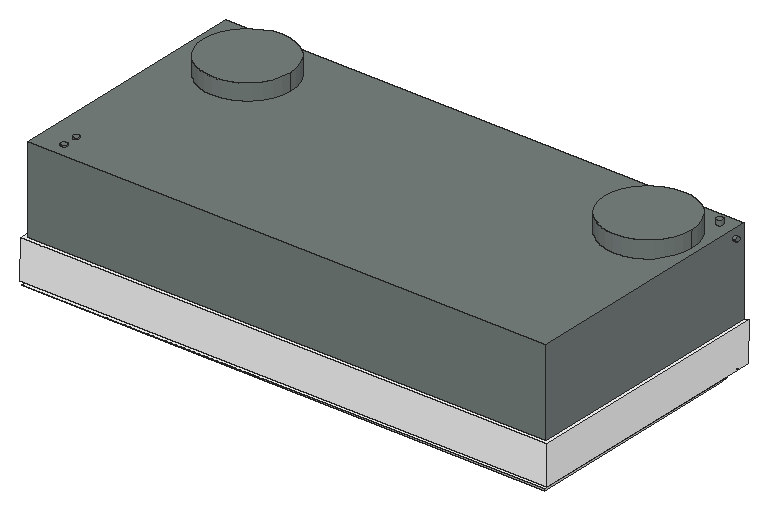
Revit family "AM 800 VT", category Mechanical Equipment, Revit 2019
Family settings
  Round Connector Dimension = Use Diameter
  Part Type = Normal
  OmniClass Number = 23.75.00.00
  OmniClass Title = Climate Control (HVAC)
  Work Plane-Based = No
  Always vertical = Yes
  Cut with Voids When Loaded = No
  Shared = No
  Room Calculation Point = No
Parameters
  Weight (Standard Unit) = 108  # constant formula
  Water Heater Surface Return = 10 mm  # constant formula
  Water Heater Surface IN = 10 mm  # constant formula
  URL = "www.airmaster-as.com"
  Total Width = 1910 mm  # constant formula
  Total Hight = 474 mm  # constant formula
  T-C Duct Exhaust = 252 mm  # constant formula
  T-C Duct Supply = 252 mm  # constant formula
  Suply Air In = 315 mm  # constant formula
  R-C Duct Exhaust = 222 mm  # constant formula
  Phase 1 - Max Power Consumption = "4035 W"
  Phase 1 - Max Current = "12 A"
  Nominal current, electrical preheating surface = "6,5 A"
  Nominal current, electrical comfort heating surface = "4,4 A"
  Nominal current, air handling unit = "1,1 A"
  Network Conection = "AWG 24 CAT 5e STP"
  Model = "AM 800 VT"
  Middle Panel [instance] = no
  Max. flow rate 35 dB(A) with ePM10 80% filters = 538.00 m³  # constant formula
  Max. flow rate 35 dB(A) with ePM10 55% filters = 605.00 m³  # constant formula
  Max. flow rate 35 dB(A) with ePM10 50% filters = 672.00 m³  # constant formula
  Max. flow rate 30 dB(A) with ePM10 80% filters = 482.00 m³  # constant formula
  Max. flow rate 30 dB(A) with ePM10 55% filters = 542.00 m³  # constant formula
  Max. flow rate 30 dB(A) with ePM10 50% filters = 603.00 m³  # constant formula
  Manufacturer = "Airmaster A/S"
  Maintenance [instance] = no
  L-C Duct ESupply = 255 mm  # constant formula
  Exhaust Air = 315 mm  # constant formula
  Total Depth = 916 mm  # constant formula
  Electrical connection = "1 ~ 230 V / N / PE / 50 Hz"
  Drawn By = "LSB"
  Condensate = 9 mm  # constant formula
  BMS Panel = "(PTS) 2x2x0,6"
  BMS Out = "(PTS) 2x2x0,6"
  BMS IN = "(PTS) 2x2x0,6"
  Airflow area [instance] = no
  Air flow area [instance] = Airflow
Reference planes
  plane 1 "Center (Front/Back)": y = 0
  plane 2: z = 0
  plane 3 "Center (Left/Right)": x = 0
  plane 4 "Center L/S": y = -916
  plane 5 "Center L/T": x = -955
  plane 6 "Center L/U": x = 955
  plane 7 "TOP": z = 474
  plane 8 "Center L/V": x = -940
  plane 9 "Center L/W": y = -901
  plane 10 "Center L/X": x = 940
  plane 11 "Panel Buttom": z = 23
  plane 12 "Panel Top": z = 164.5
  plane 13 "Hatch": z = 14.5
  plane 14 "Center L/Z": z = 173.414
  plane 15 "Center L/AA": z = 314.914
  plane 16 "Center L/BB": z = 324.414
  plane 17 "Center L/CC": z = 465.914
Forms (mm)
  Extrusion 1, solid, material "AM Grey"
    sketch origin (0, 0, 0) x (1, 0, 0) y (0, 1, 0)
      loop
        line (-940, 0) -> (-940, -901) -> (940, -901) -> (940, 0) -> (-940, 0)
    from 14.5 to 474
  Extrusion 2, solid, material "AM White"
    sketch origin (794.5, -1524, 23) x (0, -1, 0) y (-1, 0, 0)
      loop
        line (-1524, 1749.5) -> (-1524, 1734.5) -> (-623, 1734.5) -> (-623, -145.5) -> (-1524, -145.5) -> (-1524, -160.5) -> (-608, -160.5) -> (-608, 1749.5) -> (-1524, 1749.5)
    from 0 to -141.5
  Blend 3, solid, material "AM White"
    base sketch origin (-790.646, -1524, 14.5) x (0, -1, 0) y (1, 0, 0)
      loop
        line (-608, -157.387) -> (-608, 1738.657) -> (-1435.677, 1738.657) -> (-1435.677, -157.387) -> (-608, -157.387)
    top sketch origin (-790.646, -1524, 14.5) x (0, -1, 0) y (1, 0, 0)
      loop
        line (-623, -146.037) -> (-623, 1727.646) -> (-1424.161, 1727.646) -> (-1424.161, -146.037) -> (-623, -146.037)
    from 0 to -14.5
  Extrusion 4, void
    sketch origin (1055.25, -916, 324.414) x (1, 0, 0) y (0, 0, -1)
      loop
        line (-1717.75, -118) -> (-1627.75, -118) -> (-1627.75, -93) -> (-1717.75, -93) -> (-1717.75, -118)
      loop
        line (-1717.75, -83) -> (-1627.75, -83) -> (-1627.75, -58) -> (-1717.75, -58) -> (-1717.75, -83)
      loop
        line (-1717.75, -48) -> (-1627.75, -48) -> (-1627.75, -23) -> (-1717.75, -23) -> (-1717.75, -48)
      loop
        line (-1622.75, -118) -> (-1532.75, -118) -> (-1532.75, -93) -> (-1622.75, -93) -> (-1622.75, -118)
      loop
        line (-1622.75, -83) -> (-1532.75, -83) -> (-1532.75, -58) -> (-1622.75, -58) -> (-1622.75, -83)
      loop
        line (-1622.75, -48) -> (-1532.75, -48) -> (-1532.75, -23) -> (-1622.75, -23) -> (-1622.75, -48)
      loop
        line (-1527.75, -118) -> (-1437.75, -118) -> (-1437.75, -93) -> (-1527.75, -93) -> (-1527.75, -118)
      loop
        line (-1527.75, -83) -> (-1437.75, -83) -> (-1437.75, -58) -> (-1527.75, -58) -> (-1527.75, -83)
      loop
        line (-1527.75, -48) -> (-1437.75, -48) -> (-1437.75, -23) -> (-1527.75, -23) -> (-1527.75, -48)
      loop
        line (-1432.75, -118) -> (-1342.75, -118) -> (-1342.75, -93) -> (-1432.75, -93) -> (-1432.75, -118)
      loop
        line (-1432.75, -83) -> (-1342.75, -83) -> (-1342.75, -58) -> (-1432.75, -58) -> (-1432.75, -83)
      loop
        line (-1432.75, -48) -> (-1342.75, -48) -> (-1342.75, -23) -> (-1432.75, -23) -> (-1432.75, -48)
      loop
        line (-1337.75, -118) -> (-1247.75, -118) -> (-1247.75, -93) -> (-1337.75, -93) -> (-1337.75, -118)
      loop
        line (-1337.75, -83) -> (-1247.75, -83) -> (-1247.75, -58) -> (-1337.75, -58) -> (-1337.75, -83)
      loop
        line (-1337.75, -48) -> (-1247.75, -48) -> (-1247.75, -23) -> (-1337.75, -23) -> (-1337.75, -48)
      loop
        line (-1242.75, -118) -> (-1152.75, -118) -> (-1152.75, -93) -> (-1242.75, -93) -> (-1242.75, -118)
      loop
        line (-1242.75, -83) -> (-1152.75, -83) -> (-1152.75, -58) -> (-1242.75, -58) -> (-1242.75, -83)
      loop
        line (-1242.75, -48) -> (-1152.75, -48) -> (-1152.75, -23) -> (-1242.75, -23) -> (-1242.75, -48)
      loop
        line (-1147.75, -118) -> (-1057.75, -118) -> (-1057.75, -93) -> (-1147.75, -93) -> (-1147.75, -118)
      loop
        line (-1147.75, -83) -> (-1057.75, -83) -> (-1057.75, -58) -> (-1147.75, -58) -> (-1147.75, -83)
      loop
        line (-1147.75, -48) -> (-1057.75, -48) -> (-1057.75, -23) -> (-1147.75, -23) -> (-1147.75, -48)
      loop
        line (-1052.75, -118) -> (-962.75, -118) -> (-962.75, -93) -> (-1052.75, -93) -> (-1052.75, -118)
      loop
        line (-1052.75, -83) -> (-962.75, -83) -> (-962.75, -58) -> (-1052.75, -58) -> (-1052.75, -83)
      loop
        line (-1052.75, -48) -> (-962.75, -48) -> (-962.75, -23) -> (-1052.75, -23) -> (-1052.75, -48)
      loop
        line (-957.75, -118) -> (-867.75, -118) -> (-867.75, -93) -> (-957.75, -93) -> (-957.75, -118)
      loop
        line (-957.75, -83) -> (-867.75, -83) -> (-867.75, -58) -> (-957.75, -58) -> (-957.75, -83)
      loop
        line (-957.75, -48) -> (-867.75, -48) -> (-867.75, -23) -> (-957.75, -23) -> (-957.75, -48)
      loop
        line (-862.75, -118) -> (-772.75, -118) -> (-772.75, -93) -> (-862.75, -93) -> (-862.75, -118)
      loop
        line (-862.75, -83) -> (-772.75, -83) -> (-772.75, -58) -> (-862.75, -58) -> (-862.75, -83)
      loop
        line (-862.75, -48) -> (-772.75, -48) -> (-772.75, -23) -> (-862.75, -23) -> (-862.75, -48)
      loop
        line (-767.75, -118) -> (-677.75, -118) -> (-677.75, -93) -> (-767.75, -93) -> (-767.75, -118)
      loop
        line (-767.75, -83) -> (-677.75, -83) -> (-677.75, -58) -> (-767.75, -58) -> (-767.75, -83)
      loop
        line (-767.75, -48) -> (-677.75, -48) -> (-677.75, -23) -> (-767.75, -23) -> (-767.75, -48)
      loop
        line (-672.75, -118) -> (-582.75, -118) -> (-582.75, -93) -> (-672.75, -93) -> (-672.75, -118)
      loop
        line (-672.75, -83) -> (-582.75, -83) -> (-582.75, -58) -> (-672.75, -58) -> (-672.75, -83)
      loop
        line (-672.75, -48) -> (-582.75, -48) -> (-582.75, -23) -> (-672.75, -23) -> (-672.75, -48)
      loop
        line (-577.75, -118) -> (-487.75, -118) -> (-487.75, -93) -> (-577.75, -93) -> (-577.75, -118)
      loop
        line (-577.75, -83) -> (-487.75, -83) -> (-487.75, -58) -> (-577.75, -58) -> (-577.75, -83)
      loop
        line (-577.75, -48) -> (-487.75, -48) -> (-487.75, -23) -> (-577.75, -23) -> (-577.75, -48)
      loop
        line (-482.75, -118) -> (-392.75, -118) -> (-392.75, -93) -> (-482.75, -93) -> (-482.75, -118)
      loop
        line (-482.75, -83) -> (-392.75, -83) -> (-392.75, -58) -> (-482.75, -58) -> (-482.75, -83)
      loop
        line (-482.75, -48) -> (-392.75, -48) -> (-392.75, -23) -> (-482.75, -23) -> (-482.75, -48)
    from 0 to 15
  Extrusion 5, solid, material "AM Grey"
    sketch origin (940, 0, 0) x (0, -1, 0) y (0, 0, -1)
      loop
        circle (48.75, -36.414) r 8
    from 0 to 15
  Extrusion 6, solid, material "AM Grey"
    sketch origin (-940, -878.072, 0.549) x (0, 1, 0) y (0, 0, -1)
      loop
        arc (97.447, -426.641) -> (85.619, -415.215) -> (74.05, -426.903) r 11.7
        arc (74.05, -426.903) -> (85.881, -438.614) -> (97.447, -426.641) r 11.7
    from 0 to 2
  Extrusion 7, solid, material "AM Grey"
    sketch origin (-940, -892.224, 0.658) x (0, 1, 0) y (0, 0, -1)
      loop
        arc (56.677, -428.239) -> (46.918, -415.112) -> (33.131, -423.914) r 12
        arc (33.131, -423.914) -> (42.582, -438.717) -> (56.677, -428.239) r 12
    from 0 to 2
  Extrusion 8, solid, material "AM Grey"
    sketch origin (-1697.474, 21.256, 474) x (1, 0, 0) y (0, 1, 0)
      loop
        arc (848.662, -826.53) -> (848, -804.55) -> (847.338, -826.53) r 11
        line (847.338, -826.53) -> (848.662, -826.53)
    from 0 to 2
  Extrusion 9, solid, material "AM Grey"
    sketch origin (-1697.474, 6.881, 474) x (1, 0, 0) y (0, 1, 0)
      loop
        arc (848.662, -867.28) -> (848, -845.3) -> (847.338, -867.28) r 11
        line (847.338, -867.28) -> (848.662, -867.28)
    from 0 to 2
  Extrusion 10, solid, material "Maintenece", visible <- "Maintenance"
    sketch origin (-790.646, -1524, 0) x (1, 0, 0) y (0, -1, 0)
      loop
        line (-164.354, -1524) -> (1745.646, -1524) -> (1745.646, -608) -> (-164.354, -608) -> (-164.354, -1524)
    from 0 to 1200
  Extrusion 11, void
    sketch origin (-955, 0, 23) x (0, 1, 0) y (0, 0, 1)
      loop
        line (-260.5, 116.914) -> (-350.5, 116.914) -> (-350.5, 88.55) -> (-260.5, 88.55) -> (-260.5, 116.914)
      loop
        line (-260.5, 83.55) -> (-350.5, 83.55) -> (-350.5, 55.55) -> (-260.5, 55.55) -> (-260.5, 83.55)
      loop
        line (-260.5, 50.55) -> (-350.5, 50.55) -> (-350.5, 22.55) -> (-260.5, 22.55) -> (-260.5, 50.55)
      loop
        line (-355.5, 116.914) -> (-445.5, 116.914) -> (-445.5, 88.55) -> (-355.5, 88.55) -> (-355.5, 116.914)
      loop
        line (-355.5, 83.55) -> (-445.5, 83.55) -> (-445.5, 55.55) -> (-355.5, 55.55) -> (-355.5, 83.55)
      loop
        line (-355.5, 50.55) -> (-445.5, 50.55) -> (-445.5, 22.55) -> (-355.5, 22.55) -> (-355.5, 50.55)
      loop
        line (-450.5, 116.914) -> (-540.5, 116.914) -> (-540.5, 88.55) -> (-450.5, 88.55) -> (-450.5, 116.914)
      loop
        line (-450.5, 83.55) -> (-540.5, 83.55) -> (-540.5, 55.55) -> (-450.5, 55.55) -> (-450.5, 83.55)
      loop
        line (-450.5, 50.55) -> (-540.5, 50.55) -> (-540.5, 22.55) -> (-450.5, 22.55) -> (-450.5, 50.55)
      loop
        line (-545.5, 116.914) -> (-635.5, 116.914) -> (-635.5, 88.55) -> (-545.5, 88.55) -> (-545.5, 116.914)
      loop
        line (-545.5, 83.55) -> (-635.5, 83.55) -> (-635.5, 55.55) -> (-545.5, 55.55) -> (-545.5, 83.55)
      loop
        line (-545.5, 50.55) -> (-635.5, 50.55) -> (-635.5, 22.55) -> (-545.5, 22.55) -> (-545.5, 50.55)
      loop
        line (-640.5, 116.914) -> (-730.5, 116.914) -> (-730.5, 88.55) -> (-640.5, 88.55) -> (-640.5, 116.914)
      loop
        line (-640.5, 83.55) -> (-730.5, 83.55) -> (-730.5, 55.55) -> (-640.5, 55.55) -> (-640.5, 83.55)
      loop
        line (-640.5, 50.55) -> (-730.5, 50.55) -> (-730.5, 22.55) -> (-640.5, 22.55) -> (-640.5, 50.55)
      loop
        line (-735.5, 116.914) -> (-825.5, 116.914) -> (-825.5, 88.55) -> (-735.5, 88.55) -> (-735.5, 116.914)
      loop
        line (-735.5, 83.55) -> (-825.5, 83.55) -> (-825.5, 55.55) -> (-735.5, 55.55) -> (-735.5, 83.55)
      loop
        line (-735.5, 50.55) -> (-825.5, 50.55) -> (-825.5, 22.55) -> (-735.5, 22.55) -> (-735.5, 50.55)
    from 0 to 15
  Extrusion 12, solid, material "AM Grey"
    sketch origin (0, 0, 474) x (1, 0, 0) y (0, 1, 0)
      loop
        arc (880.766, -33.956) -> (876.81, -38.388) -> (875.622, -44.209) r 11.4
        arc (875.622, -44.209) -> (897.19, -48.612) -> (880.766, -33.956) r 11.4
    from 0 to 15
  Extrusion 13, solid, material "AM Grey"
    sketch origin (940, 0, 0) x (0, -1, 0) y (0, 0, -1)
      loop
        circle (47.646, -447.784) r 8
    from 0 to 15
  Extrusion 14, solid, material "AM Grey"
    sketch origin (-940, 0, 0) x (1, 0, 0) y (0, 0, -1)
      loop
        circle (1813, -35) r 12
    from 0 to 15
  Extrusion 15, solid, material "AM White", visible <- "Middle Panel"
    sketch origin (794.5, -1524, 173.414) x (0, -1, 0) y (-1, 0, 0)
      loop
        line (-1524, 1749.5) -> (-1524, 1734.5) -> (-623, 1734.5) -> (-623, -145.5) -> (-1524, -145.5) -> (-1524, -160.5) -> (-608, -160.5) -> (-608, 1749.5) -> (-1524, 1749.5)
    from 0 to -141.5
  Extrusion 16, solid, material "AM White", not visible
    sketch origin (794.5, -1524, 324.414) x (0, -1, 0) y (-1, 0, 0)
      loop
        line (-1524, 1749.5) -> (-1524, 1734.5) -> (-623, 1734.5) -> (-623, -145.5) -> (-1524, -145.5) -> (-1524, -160.5) -> (-608, -160.5) -> (-608, 1749.5) -> (-1524, 1749.5)
    from 0 to -141.5
  Extrusion 17, solid, material "Airflow" <- "Air flow area", visible <- "Airflow area"
    sketch origin (-790.646, -1524, 0) x (1, 0, 0) y (0, -1, 0)
      loop
        line (-164.354, -1524) -> (-164.354, -608) -> (-664.354, -608) -> (-664.354, -1524) -> (-164.354, -1524)
    from 0 to -164.5
  Extrusion 18, solid, material "AM White"
    sketch origin (0, 0, 14.5) x (0, 1, 0) y (1, 0, 0)
      loop
        line (0, 940) -> (-88.323, 940) -> (-88.323, -940) -> (0, -940) -> (0, 940)
    from 0 to 3
  Extrusion 19, solid, material "AM Grey"
    sketch origin (0, 0, 474) x (1, 0, 0) y (0, 1, 0)
      loop
        circle (-700, -205.5) r 157.5
    from 0 to 60
  Extrusion 20, solid, material "AM Grey"
    sketch origin (0, 0, 474) x (1, 0, 0) y (0, 1, 0)
      loop
        circle (757, -205.5) r 157.5
    from 0 to 60
Cuts and joins
  Extrusion 4, Extrusion 11 cuts Extrusion 1
  Extrusion 4, Extrusion 11 cuts Extrusion 2
  Extrusion 4 cuts Extrusion 15
  Extrusion 4 cuts Extrusion 16
Dimensions and locks
  "Total Depth": plane 4 "Center L/S" to plane 1 "Center (Front/Back)"
  equal spacing: plane 5 "Center L/T", plane 3 "Center (Left/Right)", plane 6 "Center L/U"
  "Total Width": plane 5 "Center L/T" to plane 6 "Center L/U"
  "Total Hight": plane 7 "TOP" to level
  locked: plane 10 "Center L/X" to plane 6 "Center L/U" at 15
  locked: plane 4 "Center L/S" to plane 9 "Center L/W" at 15
  locked: plane 5 "Center L/T" to plane 8 "Center L/V" at 15
  Extrusion 1 to Blend 3 sketch curve = 99.839 mm
  nested 2 to cut or joined group of Extrusion 2, Extrusion 4, Extrusion 11 = 500 mm
  Extrusion 14 sketch curve to plane 5 "Center L/T" = 1828 mm
  Extrusion 14 sketch curve to plane 7 "TOP" = 439 mm
  "Suply Air In": diameter of Extrusion 19 sketch curve
  "Suply Air In": diameter of Extrusion 20 sketch curve
  aligned and locked: level to plane 2
  aligned and locked: plane 1 "Center (Front/Back)" to Extrusion 1 sketch curve
  aligned and locked: Extrusion 1 sketch curve to plane 8 "Center L/V"
  aligned and locked: Extrusion 1 sketch curve to plane 9 "Center L/W"
  aligned and locked: Extrusion 1 sketch curve to plane 10 "Center L/X"
  aligned and locked: plane 7 "TOP" to Extrusion 1
  aligned and locked: plane 5 "Center L/T" to Extrusion 2 sketch curve
  aligned and locked: plane 4 "Center L/S" to Extrusion 2 sketch curve
  aligned and locked: plane 6 "Center L/U" to Extrusion 2 sketch curve
  aligned and locked: Extrusion 2 sketch curve to Extrusion 1  (x3)
  aligned and locked: plane 1 "Center (Front/Back)" to Extrusion 2 sketch curve
  aligned and locked: Extrusion 2 to plane 12 "Panel Top"
  aligned and locked: Blend 3 to plane 2
  aligned and locked: Extrusion 1 to plane 13 "Hatch"
  aligned and locked: Extrusion 10 sketch curve to cut or joined group of Extrusion 2, Extrusion 4, Extrusion 11  (x4)
  aligned and locked: Extrusion 15 to plane 15 "Center L/AA"
  aligned and locked: Extrusion 16 to plane 17 "Center L/CC"
Automatic sketch dimensions
  plane 1 "Center (Front/Back)" to Extrusion 2 sketch curve = 0 mm
  plane 4 "Center L/S" to Blend 3 sketch curve = 0 mm
  Blend 3 sketch curve to plane 6 "Center L/U" = 6.989 mm
  plane 1 "Center (Front/Back)" to Blend 3 sketch curve = 88.323 mm
  plane 5 "Center L/T" to Blend 3 sketch curve = 6.967 mm
  Blend 3 sketch curve to plane 9 "Center L/W" = 0 mm
  plane 8 "Center L/V" to Blend 3 sketch curve = 3.316 mm
  Blend 3 sketch curve to plane 10 "Center L/X" = 3 mm
  Extrusion 2 to Extrusion 4 sketch curve = 277.914 mm  (x2)
  Extrusion 4 sketch curve to Extrusion 2 = 292.5 mm
  Extrusion 4 sketch curve to Extrusion 4 sketch curve = 0 mm  (x88)
  Extrusion 4 sketch curve to Extrusion 4 sketch curve = 90 mm  (x14)
  Extrusion 4 sketch curve to Extrusion 4 sketch curve = 5 mm  (x39)
  Extrusion 4 sketch curve to Extrusion 4 sketch curve = 25 mm  (x10)
  Extrusion 4 sketch curve to Extrusion 4 sketch curve = 10 mm  (x9)
  Extrusion 4 sketch curve to Extrusion 2 = 324.414 mm  (x5)
  Extrusion 1 to Extrusion 5 sketch curve = 21.914 mm
  Extrusion 1 to Extrusion 5 sketch curve = 48.75 mm
  Extrusion 6 sketch curve to Extrusion 6 sketch curve = 0 mm  (x2)
  Extrusion 1 to Extrusion 6 sketch curve = 46.537 mm
  Extrusion 6 sketch curve to Extrusion 1 = 108.678 mm
  Extrusion 6 sketch curve to Extrusion 6 sketch curve = 11.7 mm
  Extrusion 6 sketch curve to Extrusion 6 sketch curve = 11.697 mm
  Extrusion 6 sketch curve to Extrusion 6 sketch curve = 0.011 mm
  Extrusion 7 sketch curve to Extrusion 7 sketch curve = 0 mm  (x2)
  Extrusion 7 sketch curve to Extrusion 1 = 53.526 mm
  Extrusion 1 to Extrusion 7 sketch curve = 46.428 mm
  Extrusion 7 sketch curve to Extrusion 7 sketch curve = 11.619 mm
  Extrusion 7 sketch curve to Extrusion 7 sketch curve = 11.927 mm
  Extrusion 7 sketch curve to Extrusion 7 sketch curve = 1.325 mm
  Extrusion 8 sketch curve to Extrusion 1 = 89.864 mm
  Extrusion 8 sketch curve to Extrusion 8 sketch curve = 0.662 mm
  Extrusion 8 sketch curve to Extrusion 1 = 95.726 mm
  Extrusion 8 sketch curve to Extrusion 8 sketch curve = 10.98 mm
  Extrusion 9 sketch curve to Extrusion 1 = 89.864 mm
  Extrusion 9 sketch curve to Extrusion 9 sketch curve = 0.662 mm
  Extrusion 9 sketch curve to Extrusion 1 = 40.601 mm
  Extrusion 9 sketch curve to Extrusion 9 sketch curve = 10.98 mm
  Extrusion 11 sketch curve to Extrusion 2 = 22.55 mm  (x2)
  Extrusion 2 to Extrusion 11 sketch curve = 90.5 mm
  Extrusion 11 sketch curve to Extrusion 11 sketch curve = 0 mm  (x33)
  Extrusion 11 sketch curve to Extrusion 11 sketch curve = 90 mm  (x6)
  Extrusion 11 sketch curve to Extrusion 11 sketch curve = 5 mm  (x21)
  Extrusion 11 sketch curve to Extrusion 11 sketch curve = 28 mm  (x6)
  Extrusion 11 sketch curve to Extrusion 2 = 24.586 mm  (x3)
  Extrusion 12 sketch curve to Extrusion 12 sketch curve = 0 mm  (x2)
  Extrusion 12 sketch curve to Extrusion 1 = 53 mm
  Extrusion 12 sketch curve to Extrusion 1 = 43.5 mm
  Extrusion 12 sketch curve to Extrusion 12 sketch curve = 6.234 mm
  Extrusion 12 sketch curve to Extrusion 12 sketch curve = 11.378 mm
  Extrusion 12 sketch curve to Extrusion 12 sketch curve = 0.709 mm
  Extrusion 1 to Extrusion 13 sketch curve = 47.646 mm
  Extrusion 1 to Extrusion 13 sketch curve = 26.216 mm
  plane 1 "Center (Front/Back)" to Extrusion 15 sketch curve = 0 mm  (x2)
  Extrusion 15 sketch curve to plane 8 "Center L/V" = 0 mm
  Extrusion 15 sketch curve to plane 9 "Center L/W" = 0 mm
  plane 4 "Center L/S" to Extrusion 15 sketch curve = 0 mm
  Extrusion 15 sketch curve to plane 5 "Center L/T" = 0 mm
  Extrusion 15 sketch curve to plane 10 "Center L/X" = 0 mm
  Extrusion 15 sketch curve to plane 6 "Center L/U" = 0 mm
  plane 1 "Center (Front/Back)" to Extrusion 16 sketch curve = 0 mm  (x2)
  Extrusion 16 sketch curve to plane 8 "Center L/V" = 0 mm
  Extrusion 16 sketch curve to plane 9 "Center L/W" = 0 mm
  plane 4 "Center L/S" to Extrusion 16 sketch curve = 0 mm
  Extrusion 16 sketch curve to plane 5 "Center L/T" = 0 mm
  Extrusion 16 sketch curve to plane 10 "Center L/X" = 0 mm
  Extrusion 16 sketch curve to plane 6 "Center L/U" = 0 mm
  Extrusion 17 sketch curve to Blend 3 = 99.839 mm
  Extrusion 17 sketch curve to Blend 3 = 518.316 mm
  Extrusion 17 sketch curve to Blend 3 = 18.316 mm
  Extrusion 17 sketch curve to Blend 3 = 15 mm
  Extrusion 18 sketch curve to Extrusion 1 = 0 mm  (x2)
  Extrusion 1 to Extrusion 18 sketch curve = 0 mm
  Extrusion 1 to Extrusion 18 sketch curve = 88.323 mm
  Extrusion 19 sketch curve to Extrusion 1 = 240 mm
  Extrusion 19 sketch curve to Extrusion 1 = 205.5 mm
  Extrusion 20 sketch curve to Extrusion 1 = 183 mm
  Extrusion 20 sketch curve to Extrusion 1 = 205.5 mm
  radius of Extrusion 5 sketch curve = 8 mm
  radius of Extrusion 13 sketch curve = 8 mm
  radius of Extrusion 14 sketch curve = 12 mm
Nested families
  nested 1: "Model Label 2019" at (0, -361.924, 0), Label <- "Model", type "Model Label 2019"
    with Label "AM 800 VT"
  nested 2: "indblæssymbol" at (11.742, -966, 0) x (0, -1, 0) z (0, 0, 1), type "indblæssymbol"
    with dX_ 609 mm, dX 609 mm, ang2D 0.00°
  nested 3: "Pil Indtag" at (-1555, -460, 0), type "Pil Indtag"
    with dX_ 609 mm, dX 609 mm, ang2D 0.00°
Connectors
  piping at (-942, -847.32, 426.735), diameter 10, driven by "Water Heater Surface IN"
    settings: on Extrusion 7, index 6, connector inside diameter 609.6 mm, connector length 0 mm, flow factor 0, pipe flow 0.0 L/s, pressure drop 0.0 Pa, fitting loss kfactor 0, connector angle 0.00°, fixture units 0, engagement length 0 mm, angle of deflection 0.00°, flow configuration 0, flow direction 1, fitting loss method 0, system type 7, joint type 0, gender type 0, connector reference index -1, connector utility 0, adjustable connector no, is connector primary yes, connector description ""
  piping at (-942, -792.324, 427.321), diameter 10, driven by "Water Heater Surface Return"
    settings: on Extrusion 6, index 7, connector inside diameter 609.6 mm, connector length 0 mm, flow factor 0, pipe flow 0.0 L/s, pressure drop 0.0 Pa, fitting loss kfactor 0, connector angle 0.00°, fixture units 0, engagement length 0 mm, angle of deflection 0.00°, flow configuration 0, flow direction 2, fitting loss method 0, system type 8, joint type 0, gender type 0, connector reference index -1, connector utility 0, adjustable connector no, is connector primary no, connector description ""
  piping at (-849.474, -860.399, 476), diameter 10, driven by "Water Heater Surface IN"
    settings: on Extrusion 9, index 11, connector inside diameter 609.6 mm, connector length 0 mm, flow factor 0, pipe flow 0.0 L/s, pressure drop 0.0 Pa, fitting loss kfactor 0, connector angle 0.00°, fixture units 0, engagement length 0 mm, angle of deflection 0.00°, flow configuration 0, flow direction 0, fitting loss method 0, system type 19, joint type 0, gender type 0, connector reference index -1, connector utility 0, adjustable connector no, is connector primary no, connector description ""
  piping at (-849.474, -805.274, 476), diameter 10, driven by "Water Heater Surface Return"
    settings: on Extrusion 8, index 12, connector inside diameter 609.6 mm, connector length 0 mm, flow factor 0, pipe flow 0.0 L/s, pressure drop 0.0 Pa, fitting loss kfactor 0, connector angle 0.00°, fixture units 0, engagement length 0 mm, angle of deflection 0.00°, flow configuration 0, flow direction 0, fitting loss method 0, system type 19, joint type 0, gender type 0, connector reference index -1, connector utility 0, adjustable connector no, is connector primary no, connector description ""
  electrical at (955, -47.646, 447.784)
    settings: on Extrusion 13, index 13, voltage 230 V, apparent load 0 VA, apparent load phase1 0 VA, apparent load phase2 0 VA, apparent load phase3 0 VA, power factor 0.56, load classification "Other", number of poles 1, system type 30, power factor state 1, is connector primary yes, connector utility no, sub classification motor no, connector description ""
  electrical at (878.194, -39.082, 489)
    settings: on Extrusion 12, index 14, voltage 230 V, apparent load 0 VA, apparent load phase1 0 VA, apparent load phase2 0 VA, apparent load phase3 0 VA, power factor 0.56, load classification "Other", number of poles 1, system type 30, power factor state 1, is connector primary no, connector utility no, sub classification motor no, connector description ""
  piping at (955, -48.75, 36.414), diameter 9, driven by "Condensate"
    settings: on Extrusion 5, index 15, connector inside diameter 609.6 mm, connector length 0 mm, flow factor 0, pipe flow 0.0 L/s, pressure drop 0.0 Pa, fitting loss kfactor 0, connector angle 0.00°, fixture units 0, engagement length 0 mm, angle of deflection 0.00°, flow configuration 0, flow direction 0, fitting loss method 0, system type 16, joint type 0, gender type 0, connector reference index -1, connector utility 0, adjustable connector no, is connector primary no, connector description ""
  piping at (873, 15, 35), diameter 9, driven by "Condensate"
    settings: on Extrusion 14, index 16, connector inside diameter 609.6 mm, connector length 0 mm, flow factor 0, pipe flow 0.0 L/s, pressure drop 0.0 Pa, fitting loss kfactor 0, connector angle 0.00°, fixture units 0, engagement length 0 mm, angle of deflection 0.00°, flow configuration 0, flow direction 0, fitting loss method 0, system type 16, joint type 0, gender type 0, connector reference index -1, connector utility 0, adjustable connector no, is connector primary no, connector description ""
  hvac at (-700, -205.5, 474), driven by "Exhaust Air"
    settings: on Extrusion 19, index 17, duct flow 0.0 L/s, flow factor 0, pres drop 0.0 Pa, loss coef 0, conn angle 0.00°, conn width 304.8 mm, conn height 304.8 mm, conn diameter 315 mm, duct sys type 1, conn prof type 0, flow config 0, flow direction 1, loss method 0, conn ref index -1, conn util no, is conn primary yes, conn desc ""
  hvac at (757, -205.5, 474), driven by "Exhaust Air"
    settings: on Extrusion 20, index 18, duct flow 0.0 L/s, flow factor 0, pres drop 0.0 Pa, loss coef 0, conn angle 0.00°, conn width 304.8 mm, conn height 304.8 mm, conn diameter 315 mm, duct sys type 3, conn prof type 0, flow config 0, flow direction 2, loss method 0, conn ref index -1, conn util no, is conn primary no, conn desc ""
Definition of nested family "Model Label 2019"
  Parameters (values of type "Model Label 2019")
    Label [instance] = ""
  Reference planes
    plane 1: y = 0
    plane 2: x = 0
  Text (mm)
    label "Label" at (-0.131, 0.049, 0), shows "Label"
Definition of nested family "indblæssymbol"
  Parameters (values of type "indblæssymbol")
    dX_ [instance] = if(dX = 0 mm, 1 mm, dX)  # 609 mm
    dX [instance] = 609 mm
    ang2D [instance] = 0.00°
    Type Comments = "DO NOT CHANGE dX value from 608 mm ( 2 ft )"
    Afstand pil = 50 mm
  Reference planes
    plane 1 "Center (Front/Back)": y = 0
    plane 2: z = 0
    plane 3 "Center (Left/Right)": x = 0
  Lines and regions (mm)
    Filled region 1, type "Concrete", in view "Ref. Level"
      outline origin (50.005, 0, 0) x (1, 0, 0) y (0, 1, 0)
        loop
          line (399.995, 0.414) -> (301.442, 17.365) -> (301.588, -17.365) -> (399.995, 0.414)
    reference lines, in view "Ref. Level"
      curve 1: line (50, 134.129, 0) -> (50, -145.871, 0)
    detail lines, in view "Ref. Level"
      curve 2: line (351.52, 0, 0) -> (50, 0, 0)
  Dimensions and locks
    "Afstand pil": plane 3 "Center (Left/Right)" to curve 1
    curve 1 to Filled region 1 = 400 mm
  Automatic sketch dimensions
    Filled region 1 sketch curve to plane 1 "Center (Front/Back)" = 0.414 mm
    plane 3 "Center (Left/Right)" to Filled region 1 sketch curve = 450 mm
    plane 1 "Center (Front/Back)" to Filled region 1 sketch curve = 17.365 mm
    Filled region 1 sketch curve to Filled region 1 sketch curve = 98.407 mm
    Filled region 1 sketch curve to plane 1 "Center (Front/Back)" = 17.365 mm
    Filled region 1 sketch curve to Filled region 1 sketch curve = 0.146 mm
    plane 1 "Center (Front/Back)" to curve 2 = 0 mm
    plane 3 "Center (Left/Right)" to curve 2 = 50 mm
    curve 2 to curve 2 = 301.52 mm
    plane 1 "Center (Front/Back)" to curve 1 = 145.871 mm
    curve 1 to plane 1 "Center (Front/Back)" = 134.129 mm
Definition of nested family "Pil Indtag"
  Parameters (values of type "Pil Indtag")
    dX_ [instance] = if(dX = 0 mm, 1 mm, dX)  # 609 mm
    dX [instance] = 609 mm
    ang2D [instance] = 0.00°
    Type Comments = "DO NOT CHANGE dX value from 608 mm ( 2 ft )"
    Afstand pil = 50 mm
  Reference planes
    plane 1 "Center (Front/Back)": y = 0
    plane 2: z = 0
    plane 3 "Center (Left/Right)": x = 0
    plane 4: x = 500
  Lines and regions (mm)
    Filled region 1, type "Concrete", in view "Ref. Level"
      outline origin (0, 0, 0) x (1, 0, 0) y (0, 1, 0)
        loop
          line (499.552, 0) -> (401.072, 17.365) -> (401.072, -17.365) -> (499.552, 0)
    reference lines, in view "Ref. Level"
      curve 1: line (50, 134.129, 0) -> (50, -145.871, 0)
    detail lines, in view "Ref. Level", not visible
      curve 2: arc (335, 0, 0) -> (385.559, -50.321, 0) -> (434.999, 1.101, 0) r 50.01
      curve 3: arc (335, 0, 0) -> (285.666, 52.633, 0) -> (235.069, 1.212, 0) r 50.01
      curve 4: line (434.999, 1.101, 0) -> (434.999, 21.156, 0)
      curve 5: line (235.069, 1.212, 0) -> (235.069, -18.844, 0)
    detail lines, in view "Ref. Level"
      curve 6: arc (225.332, 0, 0) -> (272.332, -35.211, 0) -> (294.114, 19.326, 0) r 36.995
      curve 7: arc (225.206, 0, 0) -> (173.868, 30.307, 0) -> (156.85, -26.829, 0) r 37.835
      curve 8: line (499.552, 0, 0) -> (401.072, 17.365, 0)
      curve 9: line (401.072, 17.365, 0) -> (401.072, -17.365, 0)
      curve 10: line (401.072, -17.365, 0) -> (499.552, 0, 0)
      curve 11: line (499.552, 0, 0) -> (-15.448, 0, 0)
  Dimensions and locks
    "Afstand pil": plane 3 "Center (Left/Right)" to curve 1
    plane 3 "Center (Left/Right)" to plane 4 = 500 mm
  Automatic sketch dimensions
    plane 1 "Center (Front/Back)" to Filled region 1 sketch curve = 0 mm
    Filled region 1 sketch curve to plane 4 = 0.448 mm
    plane 1 "Center (Front/Back)" to Filled region 1 sketch curve = 17.365 mm
    Filled region 1 sketch curve to plane 4 = 98.928 mm
    Filled region 1 sketch curve to plane 1 "Center (Front/Back)" = 17.365 mm
    plane 1 "Center (Front/Back)" to curve 11 = 0 mm
    plane 1 "Center (Front/Back)" to curve 7 = 4.913 mm
    plane 3 "Center (Left/Right)" to curve 7 = 187.691 mm
    curve 6 to plane 1 "Center (Front/Back)" = 0.405 mm
    curve 7 to curve 6 = 74.634 mm
    curve 9 to plane 1 "Center (Front/Back)" = 17.365 mm
    curve 9 to plane 4 = 98.928 mm
    curve 11 to plane 4 = 0.448 mm
    plane 1 "Center (Front/Back)" to curve 10 = 17.365 mm
    curve 7 to curve 7 = 30.842 mm
    curve 11 to plane 3 "Center (Left/Right)" = 15.448 mm
    curve 7 to curve 6 = 37.119 mm
    curve 7 to curve 6 = 0.126 mm
    curve 6 to plane 1 "Center (Front/Back)" = 19.326 mm
    plane 1 "Center (Front/Back)" to curve 1 = 145.871 mm
    curve 1 to plane 1 "Center (Front/Back)" = 134.129 mm
